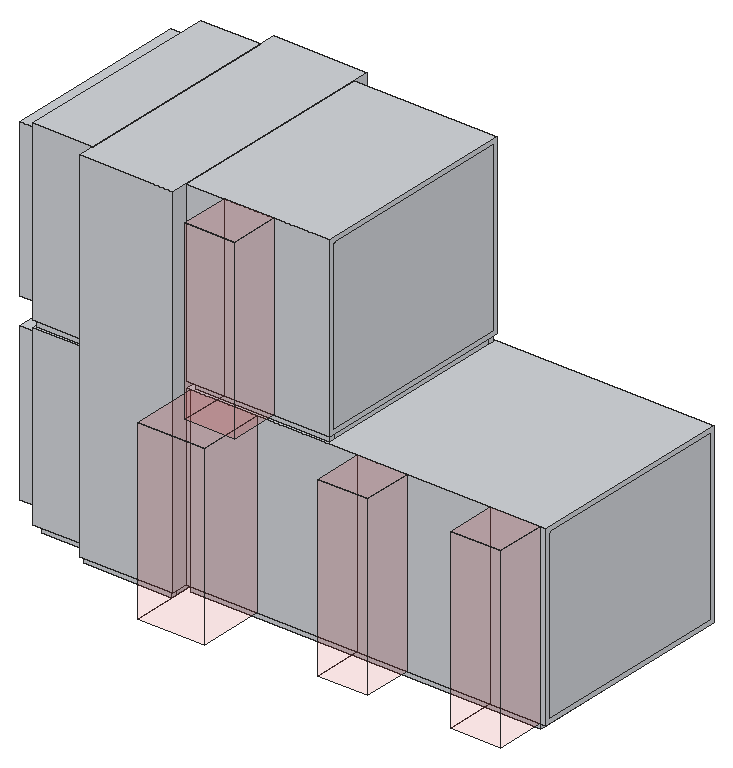
Revit family "Metric WinTADS Template 5", category Mechanical Equipment, Revit 2017
Family settings
  Round Connector Dimension = Use Diameter
  Part Type = Normal
  OmniClass Number = 23.75.00.00
  OmniClass Title = Climate Control (HVAC)
  Work Plane-Based = No
  Always vertical = Yes
  Cut with Voids When Loaded = No
  Shared = No
  Room Calculation Point = No
Parameters
  Mass = 2578.55 kg
Reference planes
  plane 1 "Center (Front/Back)": y = 0
  plane 2: z = 0
  plane 3 "Center (Left/Right)": x = 0
Forms (mm)
  Extrusion 1, solid
    sketch origin (0, 0, 0) x (1, 0, 0) y (0, 1, 0)
      loop
        line (-200, 2078) -> (-200, 260) -> (0, 260) -> (0, 2078) -> (-200, 2078)
    from 1860 to 3358
  Extrusion 2, solid
    sketch origin (0, 0, 0) x (1, 0, 0) y (0, 1, 0)
      loop
        line (130, 2048) -> (130, 390) -> (448, 390) -> (448, 2048) -> (130, 2048)
    from 1809 to 1919
  Extrusion 3, solid
    sketch origin (0, 0, 0) x (1, 0, 0) y (0, 1, 0)
      loop
        line (2853.543, 2129) -> (2853.543, 209) -> (2854.457, 209) -> (2854.457, 2129) -> (2853.543, 2129)
    from 1809 to 3409
  Extrusion 4, solid
    sketch origin (0, 0, 0) x (1, 0, 0) y (0, 1, 0)
      loop
        line (0, 2178) -> (0, 160) -> (578, 160) -> (578, 2178) -> (0, 2178)
    from 1760 to 3458
  Extrusion 5, solid
    sketch origin (0, 0, 0) x (1, 0, 0) y (0, 1, 0)
      loop
        line (0, 2178) -> (0, 160) -> (578, 160) -> (578, 2178) -> (0, 2178)
    from 0 to 1698
  Extrusion 6, solid
    sketch origin (0, 0, 0) x (1, 0, 0) y (0, 1, 0)
      loop
        line (578, 2338) -> (578, 0) -> (1476, 0) -> (1476, 2338) -> (578, 2338)
    from 0 to 3458
  Extrusion 7, solid
    sketch origin (0, 0, 0) x (1, 0, 0) y (0, 1, 0)
      loop
        line (1476, 2178) -> (1476, 160) -> (2854, 160) -> (2854, 2178) -> (1476, 2178)
    from 1760 to 3458
  Extrusion 8, solid
    sketch origin (0, 0, 0) x (1, 0, 0) y (0, 1, 0)
      loop
        line (1476, 2178) -> (1476, 160) -> (4934, 160) -> (4934, 2178) -> (1476, 2178)
    from 0 to 1698
  Extrusion 9, solid
    sketch origin (0, 0, 0) x (1, 0, 0) y (0, 1, 0)
      loop
        line (20, 235.5) -> (20, 186.5) -> (509, 186.5) -> (509, 235.5) -> (20, 235.5)
    from 1698 to 1760
  Extrusion 10, solid
    sketch origin (0, 0, 0) x (1, 0, 0) y (0, 1, 0)
      loop
        line (-200, 2078) -> (-200, 260) -> (0, 260) -> (0, 2078) -> (-200, 2078)
    from 100 to 1598
  Extrusion 11, solid
    sketch origin (0, 0, 0) x (1, 0, 0) y (0, 1, 0)
      loop
        line (4933.543, 2129) -> (4933.543, 209) -> (4934.457, 209) -> (4934.457, 2129) -> (4933.543, 2129)
    from 49 to 1649
  Extrusion 12, solid
    sketch origin (0, 0, 0) x (1, 0, 0) y (0, 1, 0)
      loop
        line (20, 2151.5) -> (20, 2102.5) -> (509, 2102.5) -> (509, 2151.5) -> (20, 2151.5)
    from 1698 to 1760
  Extrusion 13, solid
    sketch origin (0, 0, 0) x (1, 0, 0) y (0, 1, 0)
      loop
        line (20, 2102.5) -> (20, 235.5) -> (69, 235.5) -> (69, 2102.5) -> (20, 2102.5)
    from 1698 to 1760
  Extrusion 14, solid
    sketch origin (0, 0, 0) x (1, 0, 0) y (0, 1, 0)
      loop
        line (460, 2102.5) -> (460, 235.5) -> (509, 235.5) -> (509, 2102.5) -> (460, 2102.5)
    from 1698 to 1760
  Extrusion 15, solid
    sketch origin (0, 0, 0) x (1, 0, 0) y (0, 1, 0)
      loop
        line (69, 235.5) -> (69, 186.5) -> (558, 186.5) -> (558, 235.5) -> (69, 235.5)
    from -62 to 0
  Extrusion 16, solid
    sketch origin (0, 0, 0) x (1, 0, 0) y (0, 1, 0)
      loop
        line (69, 2151.5) -> (69, 2102.5) -> (558, 2102.5) -> (558, 2151.5) -> (69, 2151.5)
    from -62 to 0
  Extrusion 17, solid
    sketch origin (0, 0, 0) x (1, 0, 0) y (0, 1, 0)
      loop
        line (69, 2102.5) -> (69, 235.5) -> (118, 235.5) -> (118, 2102.5) -> (69, 2102.5)
    from -62 to 0
  Extrusion 18, solid
    sketch origin (0, 0, 0) x (1, 0, 0) y (0, 1, 0)
      loop
        line (509, 2102.5) -> (509, 235.5) -> (558, 235.5) -> (558, 2102.5) -> (509, 2102.5)
    from -62 to 0
  Extrusion 19, solid
    sketch origin (0, 0, 0) x (1, 0, 0) y (0, 1, 0)
      loop
        line (604, 75.5) -> (604, 26.5) -> (1450, 26.5) -> (1450, 75.5) -> (604, 75.5)
    from -62 to 0
  Extrusion 20, solid
    sketch origin (0, 0, 0) x (1, 0, 0) y (0, 1, 0)
      loop
        line (604, 2311.5) -> (604, 2262.5) -> (1450, 2262.5) -> (1450, 2311.5) -> (604, 2311.5)
    from -62 to 0
  Extrusion 21, solid
    sketch origin (0, 0, 0) x (1, 0, 0) y (0, 1, 0)
      loop
        line (604, 2262.5) -> (604, 75.5) -> (653, 75.5) -> (653, 2262.5) -> (604, 2262.5)
    from -62 to 0
  Extrusion 22, solid
    sketch origin (0, 0, 0) x (1, 0, 0) y (0, 1, 0)
      loop
        line (1401, 2262.5) -> (1401, 75.5) -> (1450, 75.5) -> (1450, 2262.5) -> (1401, 2262.5)
    from -62 to 0
  Extrusion 23, solid
    sketch origin (0, 0, 0) x (1, 0, 0) y (0, 1, 0)
      loop
        line (1545, 235.5) -> (1545, 186.5) -> (2834, 186.5) -> (2834, 235.5) -> (1545, 235.5)
    from 1698 to 1760
  Extrusion 24, solid, material "Clearance Zones"
    sketch origin (0, 0, 0) x (1, 0, 0) y (0, 1, 0)
      loop
        line (1845, 160) -> (1845, -320) -> (2325, -320) -> (2325, 160) -> (1845, 160)
    from 1760 to 3458
  Extrusion 25, solid, material "Clearance Zones"
    sketch origin (0, 0, 0) x (1, 0, 0) y (0, 1, 0)
      loop
        line (1525, 160) -> (1525, -480) -> (2165, -480) -> (2165, 160) -> (1525, 160)
    from 0 to 1698
  Extrusion 26, solid, material "Clearance Zones"
    sketch origin (0, 0, 0) x (1, 0, 0) y (0, 1, 0)
      loop
        line (3125, 160) -> (3125, -320) -> (3605, -320) -> (3605, 160) -> (3125, 160)
    from 0 to 1698
  Extrusion 27, solid, material "Clearance Zones"
    sketch origin (0, 0, 0) x (1, 0, 0) y (0, 1, 0)
      loop
        line (4405, 160) -> (4405, -320) -> (4885, -320) -> (4885, 160) -> (4405, 160)
    from 0 to 1698
  Extrusion 28, solid
    sketch origin (0, 0, 0) x (1, 0, 0) y (0, 1, 0)
      loop
        line (1545, 2151.5) -> (1545, 2102.5) -> (2834, 2102.5) -> (2834, 2151.5) -> (1545, 2151.5)
    from 1698 to 1760
  Extrusion 29, solid
    sketch origin (0, 0, 0) x (1, 0, 0) y (0, 1, 0)
      loop
        line (1545, 2102.5) -> (1545, 235.5) -> (1594, 235.5) -> (1594, 2102.5) -> (1545, 2102.5)
    from 1698 to 1760
  Extrusion 30, solid
    sketch origin (0, 0, 0) x (1, 0, 0) y (0, 1, 0)
      loop
        line (2785, 2102.5) -> (2785, 235.5) -> (2834, 235.5) -> (2834, 2102.5) -> (2785, 2102.5)
    from 1698 to 1760
  Extrusion 31, solid
    sketch origin (0, 0, 0) x (1, 0, 0) y (0, 1, 0)
      loop
        line (1496, 235.5) -> (1496, 186.5) -> (4865, 186.5) -> (4865, 235.5) -> (1496, 235.5)
    from -62 to 0
  Extrusion 32, solid
    sketch origin (0, 0, 0) x (1, 0, 0) y (0, 1, 0)
      loop
        line (1496, 2151.5) -> (1496, 2102.5) -> (4865, 2102.5) -> (4865, 2151.5) -> (1496, 2151.5)
    from -62 to 0
  Extrusion 33, solid
    sketch origin (0, 0, 0) x (1, 0, 0) y (0, 1, 0)
      loop
        line (1496, 2102.5) -> (1496, 235.5) -> (1545, 235.5) -> (1545, 2102.5) -> (1496, 2102.5)
    from -62 to 0
  Extrusion 34, solid
    sketch origin (0, 0, 0) x (1, 0, 0) y (0, 1, 0)
      loop
        line (4816, 2102.5) -> (4816, 235.5) -> (4865, 235.5) -> (4865, 2102.5) -> (4816, 2102.5)
    from -62 to 0
Dimensions and locks
  aligned and locked: level to plane 2
Connectors
  hvac at (289, 1219, 1919)
    settings: on Extrusion 2, index 6, duct flow 4861.11 L/s, flow factor 0, pres drop 53.4478 Pa, loss coef 0, conn angle 0.00°, conn width 318 mm, conn height 1658 mm, conn diameter 609.6 mm, duct sys type 1, conn prof type 1, flow config 0, flow direction 1, loss method 4, conn ref index -1, conn util no, is conn primary yes, conn desc ""
  hvac at (2854.457, 1169, 2609)
    settings: on Extrusion 3, index 31, duct flow 4861.11 L/s, flow factor 0, pres drop 2.0 Pa, loss coef 0, conn angle 0.00°, conn width 1920 mm, conn height 1600 mm, conn diameter 609.6 mm, duct sys type 3, conn prof type 1, flow config 0, flow direction 1, loss method 4, conn ref index -1, conn util no, is conn primary no, conn desc ""
  hvac at (-200, 1169, 2609)
    settings: on Extrusion 1, index 35, duct flow 4861.11 L/s, flow factor 0, pres drop 2.13134 Pa, loss coef 0, conn angle 0.00°, conn width 1818 mm, conn height 1498 mm, conn diameter 609.6 mm, duct sys type 3, conn prof type 1, flow config 0, flow direction 2, loss method 4, conn ref index -1, conn util no, is conn primary no, conn desc ""
  hvac at (-200, 1169, 849)
    settings: on Extrusion 10, index 88, duct flow 4861.11 L/s, flow factor 0, pres drop 2.13134 Pa, loss coef 0, conn angle 0.00°, conn width 1818 mm, conn height 1498 mm, conn diameter 609.6 mm, duct sys type 1, conn prof type 1, flow config 0, flow direction 1, loss method 4, conn ref index -1, conn util no, is conn primary no, conn desc ""
  hvac at (4934.457, 1169, 849)
    settings: on Extrusion 11, index 96, duct flow 4861.11 L/s, flow factor 0, pres drop 2.0 Pa, loss coef 0, conn angle 0.00°, conn width 1920 mm, conn height 1600 mm, conn diameter 609.6 mm, duct sys type 1, conn prof type 1, flow config 0, flow direction 2, loss method 4, conn ref index -1, conn util no, is conn primary no, conn desc ""
